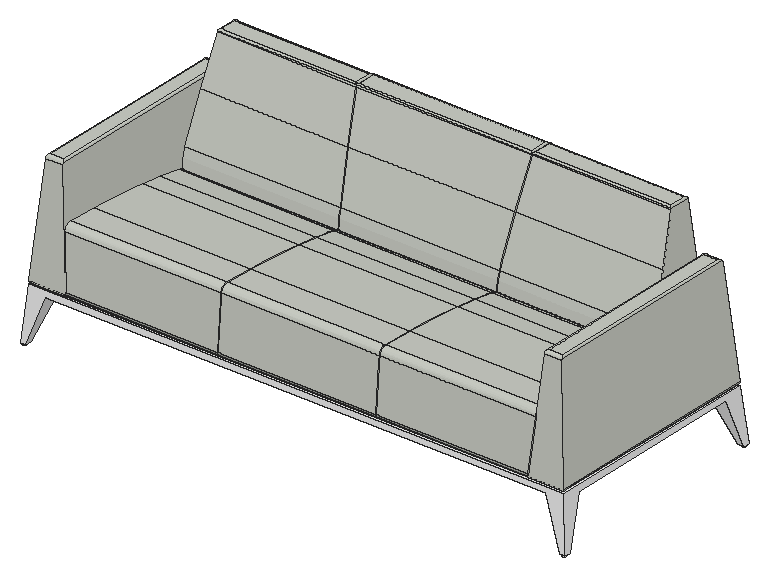
Revit family
Parameters
  Width = 6' - 4"  # constant formula
  URL = "http://elanbydecca.com/"
  Upholstery [instance] = Furniture - DECCA (Elan) - Vertex - Upholstery
  Base [instance] = Furniture - DECCA (Elan) - Vertex - Base
  Product URL = "http://elanbydecca.com/PDFs/elan_tearsheet-vertex.pdf"
  Model = "VT LL500"
  Manufacturer = "Decca Contract"
  Height = 2' - 6"  # constant formula
  Description = "Vertex, Sofa"
  Depth = 2' - 8"  # constant formula
  Assembly Description = "Furniture & Accessories"
  Assembly Code = "E2020200"
Reference planes (in)
  plane 1 "Center Front/Back": y = -0.7524
  plane 2: z = 0
  plane 3 "Center Left/Right": x = 0
  plane 4 "L": x = -38
  plane 5 "R": x = 38
  plane 6 "F": y = -16.7524
  plane 7: y = 15.2476
  plane 8: through (-6.25338, 2.33237, 23.38953) normal (0.4297, -0.4297, 0.7941)
  plane 9: z = 30
  plane 10: z = 16
  plane 11: x = -37.36862
  plane 12: x = -34.58452
  plane 13: x = -37.22423
  plane 14: x = 37.36862
  plane 15: x = 37.22423
  plane 16: z = 6.69972
  plane 17 "BT": z = 7.44949
  plane 18: z = 7.70022
  plane 19: x = -32.25435
  plane 20: x = 32.25435
  plane 21: z = 23.5
  plane 22: y = 14.61374
  plane 23: y = 14.47183
  plane 24: y = -16.11854
  plane 25: y = -15.97663
  plane 26: z = 0.19972
  plane 27: through (-15.22423, -180, 0.19694) normal (-0.9397, 0, 0.342)
  plane 28: through (0, 14.47183, 0.19694) normal (0, 0.9391, 0.3436)
  plane 29: y = 11.81791
  plane 30: y = -13.32271
  plane 31: x = 34.58452
  plane 32: through (0, 13.25934, 22.69446) normal (0, 0.9964, 0.0844)
  plane 33: through (0, -15.40972, 15.47123) normal (0, 0.9964, -0.0847)
  plane 34: through (-10.60194, -180, 18.93287) normal (0.996, 0, -0.0897)
  plane 35: through (10.60194, -180, 18.93287) normal (0.996, 0, 0.0897)
  plane 36: through (-10.60194, -180, 13.06713) normal (-0.996, 0, -0.0897)
  plane 37: through (10.60194, -180, 13.06713) normal (-0.996, 0, 0.0897)
Forms (in)
  Blend 1, solid, material "Furniture - DECCA (Elan) - Vertex - Base" <- "Base"
    base sketch origin (0, 0, 8.32075) x (0, -1, 0) y (1, 0, 0)
      loop
        line (-15.2476, -38) -> (-14.47183, -38) -> (-14.47183, -37.22423) -> (-15.2476, -37.22423) -> (-15.2476, -38)
    top sketch origin (0, 0, 8.32075) x (0, -1, 0) y (1, 0, 0)
      loop
        line (-14.61374, -37.36862) -> (-11.81791, -37.36862) -> (-11.81791, -34.58452) -> (-14.61374, -34.58452) -> (-14.61374, -37.36862)
    from -8.12381 to -0.87126
  Blend 2, solid, material "Furniture - DECCA (Elan) - Vertex - Base" <- "Base"
    base sketch origin (0, -1.5048, 8.32075) x (0, -1, 0) y (1, 0, 0)
      loop
        line (15.2476, -38) -> (15.2476, -37.22423) -> (14.47183, -37.22423) -> (14.47183, -38) -> (15.2476, -38)
    top sketch origin (0, -1.5048, 8.32075) x (0, -1, 0) y (1, 0, 0)
      loop
        line (14.61374, -37.36862) -> (14.61374, -34.58452) -> (11.81791, -34.58452) -> (11.81791, -37.36862) -> (14.61374, -37.36862)
    from -8.12381 to -0.87126
  Blend 3, solid, material "Furniture - DECCA (Elan) - Vertex - Base" <- "Base"
    base sketch origin (0, -1.5048, 8.32075) x (0, 1, 0) y (-1, 0, 0)
      loop
        line (-15.2476, -38) -> (-14.47183, -38) -> (-14.47183, -37.22423) -> (-15.2476, -37.22423) -> (-15.2476, -38)
    top sketch origin (0, -1.5048, 8.32075) x (0, 1, 0) y (-1, 0, 0)
      loop
        line (-14.61374, -37.36862) -> (-11.81791, -37.36862) -> (-11.81791, -34.58452) -> (-14.61374, -34.58452) -> (-14.61374, -37.36862)
    from -8.12381 to -0.87126
  Blend 4, solid, material "Furniture - DECCA (Elan) - Vertex - Base" <- "Base"
    base sketch origin (0, 0, 8.32075) x (0, 1, 0) y (-1, 0, 0)
      loop
        line (15.2476, -38) -> (15.2476, -37.22423) -> (14.47183, -37.22423) -> (14.47183, -38) -> (15.2476, -38)
    top sketch origin (0, 0, 8.32075) x (0, 1, 0) y (-1, 0, 0)
      loop
        line (14.61374, -37.36862) -> (14.61374, -34.58452) -> (11.81791, -34.58452) -> (11.81791, -37.36862) -> (14.61374, -37.36862)
    from -8.12381 to -0.87126
  Extrusion 5, solid, material "Furniture - DECCA (Elan) - Vertex - Base" <- "Base"
    sketch origin (0, 0, 0) x (0, 1, 0) y (0, 0, 1)
      loop
        line (14.67927, 6.69972) -> (14.61374, 7.44949) -> (11.81791, 7.44949) -> (11.81791, 6.69972) -> (14.67927, 6.69972)
    from -37.36862 to 37.36862
  Extrusion 6, solid, material "Furniture - DECCA (Elan) - Vertex - Base" <- "Base"
    sketch origin (0, -1.5048, 0) x (0, -1, 0) y (0, 0, -1)
      loop
        line (14.67927, -6.69972) -> (11.81791, -6.69972) -> (11.81791, -7.44949) -> (14.61374, -7.44949) -> (14.67927, -6.69972)
    from -37.36862 to 37.36862
  Extrusion 7, solid, material "Furniture - DECCA (Elan) - Vertex - Base" <- "Base"
    sketch origin (0, -16.42176, 0) x (1, 0, 0) y (0, 0, -1)
      loop
        line (-37.43389, -6.69972) -> (-37.36862, -7.44949) -> (-34.58452, -7.44949) -> (-34.58452, -6.69972) -> (-37.43389, -6.69972)
      loop
        line (37.36862, -7.44949) -> (37.43389, -6.69972) -> (34.58452, -6.69972) -> (34.58452, -7.44949) -> (37.36862, -7.44949)
    from 0.30321 to 31.0355
  Extrusion 8, solid, material "Furniture - DECCA (Elan) - Vertex - Base" <- "Base"
    sketch origin (0, 0, 8.32075) x (0, -1, 0) y (1, 0, 0)
      loop
        circle (16.43547, 37.68431) r 0.25
      loop
        circle (16.43547, -37.68431) r 0.25
      loop
        circle (-14.93067, -37.68431) r 0.25
      loop
        circle (-14.93067, 37.68431) r 0.25
    from -8.32075 to -8.12102
  Extrusion 9, solid, material "Furniture - DECCA (Elan) - Vertex - Upholstery" <- "Upholstery"
    sketch origin (0, -16.42176, 0) x (1, 0, 0) y (0, 0, -1)
      loop
        line (-35.76398, -23.5) -> (-33.859, -23.5)
        arc (-33.859, -23.5) -> (-33.69006, -23.43428) -> (-33.60994, -23.27168) r 0.25
        line (-33.60994, -23.27168) -> (-32.278, -7.9719)
        arc (-32.278, -7.9719) -> (-32.34278, -7.78128) -> (-32.52706, -7.70022) r 0.25
        line (-32.52706, -7.70022) -> (-37.09591, -7.70022)
        arc (-37.09591, -7.70022) -> (-37.2802, -7.78128) -> (-37.34497, -7.9719) r 0.25
        line (-37.34497, -7.9719) -> (-36.01304, -23.27168)
        arc (-36.01304, -23.27168) -> (-35.93292, -23.43428) -> (-35.76398, -23.5) r 0.25
      loop
        line (32.278, -7.9719) -> (33.60994, -23.27168)
        arc (33.60994, -23.27168) -> (33.69006, -23.43428) -> (33.859, -23.5) r 0.25
        line (33.859, -23.5) -> (35.76398, -23.5)
        arc (35.76398, -23.5) -> (35.93292, -23.43428) -> (36.01304, -23.27168) r 0.25
        line (36.01304, -23.27168) -> (37.34497, -7.9719)
        arc (37.34497, -7.9719) -> (37.2802, -7.78128) -> (37.09591, -7.70022) r 0.25
        line (37.09591, -7.70022) -> (32.52706, -7.70022)
        arc (32.52706, -7.70022) -> (32.34278, -7.78128) -> (32.278, -7.9719) r 0.25
    from -0.33064 to 31.66936
  Extrusion 10, void
    sketch origin (0, 0, 0) x (0, 1, 0) y (0, 0, 1)
      loop
        line (14.55053, 7.44949) -> (16.4976, 7.44949) -> (16.4976, 30) -> (-18.0024, 30) -> (-18.0024, 7.44949) -> (-16.09189, 7.44949) -> (-14.76587, 23.04237)
        arc (-14.76587, 23.04237) -> (-14.60591, 23.36823) -> (-14.26767, 23.5) r 0.5
        line (-14.26767, 23.5) -> (12.73167, 23.5)
        arc (12.73167, 23.5) -> (13.06998, 23.36817) -> (13.22989, 23.0422) r 0.5
        line (13.22989, 23.0422) -> (14.55053, 7.44949)
    from -38 to 38
  Extrusion 11, solid, material "Furniture - DECCA (Elan) - Vertex - Upholstery" <- "Upholstery"
    sketch origin (0, 0, 0) x (0, 1, 0) y (0, 0, 1)
      loop
        line (12.41087, 30) -> (9.97402, 30)
        arc (9.97402, 30) -> (9.83242, 29.95603) -> (9.74063, 29.83959) r 0.25
        line (9.74063, 29.83959) -> (9.67423, 29.66662)
        arc (9.67423, 29.66662) -> (8.52817, 26.51784) -> (7.4927, 23.33098) r 96
        line (7.4927, 23.33098) -> (5.46904, 16.71189)
        arc (5.46904, 16.71189) -> (5.16239, 15.47882) -> (4.98785, 14.22024) r 12
        line (4.98785, 14.22024) -> (4.45645, 7.9714)
        arc (4.45645, 7.9714) -> (4.52143, 7.7811) -> (4.70555, 7.70022) r 0.25
        line (4.70555, 7.70022) -> (14.25723, 7.70022)
        arc (14.25723, 7.70022) -> (14.44131, 7.78107) -> (14.50633, 7.97132) r 0.25
        line (14.50633, 7.97132) -> (12.65997, 29.7711)
        arc (12.65997, 29.7711) -> (12.58002, 29.93409) -> (12.41087, 30) r 0.25
    from 0 to 34.58452
  Extrusion 12, void
    sketch origin (0, -16.42176, 0) x (1, 0, 0) y (0, 0, -1)
      loop
        line (12.2624, -29.77242) -> (11.18994, -17.86399)
        arc (11.18994, -17.86399) -> (11.08112, -16.25109) -> (11.04483, -14.63493) r 36
        line (11.04483, -14.63493) -> (11.04483, -7.44949) -> (-27.25, -7.44949) -> (-27.25, -31.75) -> (34.58452, -31.75) -> (34.58452, -7.70022) -> (32.25435, -7.70022) -> (32.83026, -14.3156)
        arc (32.83026, -14.3156) -> (32.85381, -15.39007) -> (32.8271, -16.46446) r 22.97837
        line (32.8271, -16.46446) -> (31.62574, -29.77242)
        arc (31.62574, -29.77242) -> (31.54541, -29.93453) -> (31.37675, -30) r 0.25
        line (31.37675, -30) -> (12.51139, -30)
        arc (12.51139, -30) -> (12.34273, -29.93453) -> (12.2624, -29.77242) r 0.25
    from 0 to 32.91936
  Extrusion 13, solid, material "Furniture - DECCA (Elan) - Vertex - Upholstery" <- "Upholstery"
    sketch origin (0, 0, 0) x (0, 1, 0) y (0, 0, 1)
      loop
        arc (4.96754, 13.98136) -> (4.89506, 14.23656) -> (4.67185, 14.37994) r 0.375
        line (4.67185, 14.37994) -> (4.26998, 14.46537)
        arc (4.26998, 14.46537) -> (2.72687, 14.75833) -> (1.17245, 14.98371) r 36
        line (1.17245, 14.98371) -> (-1.81029, 15.34995)
        arc (-1.81029, 15.34995) -> (-5.97767, 15.76958) -> (-10.15939, 16.00704) r 96
        line (-10.15939, 16.00704) -> (-14.39805, 16.15505)
        arc (-14.39805, 16.15505) -> (-15.09648, 15.90381) -> (-15.42935, 15.2404) r 1
        line (-15.42935, 15.2404) -> (-16.03598, 8.107)
        arc (-16.03598, 8.107) -> (-15.9385, 7.82154) -> (-15.66233, 7.70022) r 0.375
        line (-15.66233, 7.70022) -> (4.14633, 7.70022)
        arc (4.14633, 7.70022) -> (4.35773, 7.78258) -> (4.45771, 7.98624) r 0.3125
        line (4.45771, 7.98624) -> (4.96754, 13.98136)
    from 0 to 34.58452
  Sweep 14, solid, material "Furniture - DECCA (Elan) - Vertex - Base" <- "Base"
    path origin (0, 0, 7.44949) x (0, -1, 0) y (1, 0, 0)
      loop
        line (-11.81791, 34.58452) -> (-11.81791, -34.58452) -> (13.32271, -34.58452) -> (13.32271, 34.58452) -> (-11.81791, 34.58452)
    profile origin (0, 11.81791, 7.44949) x (0, -1, 0) y (0, 0, 1)
      loop
        line (-0.59791, 0) -> (-0.59791, 0.25073) -> (-2.59791, 0.25073) -> (-2.34718, 0) -> (-0.59791, 0)
  Extrusion 15, solid, material "Furniture - DECCA (Elan) - Vertex - Upholstery" <- "Upholstery"
    sketch origin (-23.58452, 0, 0) x (0, 1, 0) y (0, 0, 1)
      loop
        line (12.41087, 30) -> (9.97402, 30)
        arc (9.97402, 30) -> (9.83242, 29.95603) -> (9.74063, 29.83959) r 0.25
        line (9.74063, 29.83959) -> (9.67423, 29.66662)
        arc (9.67423, 29.66662) -> (8.52817, 26.51784) -> (7.4927, 23.33098) r 96
        line (7.4927, 23.33098) -> (5.46904, 16.71189)
        arc (5.46904, 16.71189) -> (5.16239, 15.47882) -> (4.98785, 14.22024) r 12
        line (4.98785, 14.22024) -> (4.45645, 7.9714)
        arc (4.45645, 7.9714) -> (4.52143, 7.7811) -> (4.70555, 7.70022) r 0.25
        line (4.70555, 7.70022) -> (14.25723, 7.70022)
        arc (14.25723, 7.70022) -> (14.44131, 7.78107) -> (14.50633, 7.97132) r 0.25
        line (14.50633, 7.97132) -> (12.65997, 29.7711)
        arc (12.65997, 29.7711) -> (12.58002, 29.93409) -> (12.41087, 30) r 0.25
    from -11 to 23.58452
  Extrusion 16, solid, material "Furniture - DECCA (Elan) - Vertex - Upholstery" <- "Upholstery"
    sketch origin (-23.58452, 0, 0) x (0, 1, 0) y (0, 0, 1)
      loop
        arc (4.96754, 13.98136) -> (4.89506, 14.23656) -> (4.67185, 14.37994) r 0.375
        line (4.67185, 14.37994) -> (4.26998, 14.46537)
        arc (4.26998, 14.46537) -> (2.72687, 14.75833) -> (1.17245, 14.98371) r 36
        line (1.17245, 14.98371) -> (-1.81029, 15.34995)
        arc (-1.81029, 15.34995) -> (-5.97767, 15.76958) -> (-10.15939, 16.00704) r 96
        line (-10.15939, 16.00704) -> (-14.39805, 16.15505)
        arc (-14.39805, 16.15505) -> (-15.09648, 15.90381) -> (-15.42935, 15.2404) r 1
        line (-15.42935, 15.2404) -> (-16.03598, 8.107)
        arc (-16.03598, 8.107) -> (-15.9385, 7.82154) -> (-15.66233, 7.70022) r 0.375
        line (-15.66233, 7.70022) -> (4.14633, 7.70022)
        arc (4.14633, 7.70022) -> (4.35773, 7.78258) -> (4.45771, 7.98624) r 0.3125
        line (4.45771, 7.98624) -> (4.96754, 13.98136)
    from -11 to 23.58452
  Extrusion 17, solid, material "Furniture - DECCA (Elan) - Vertex - Upholstery" <- "Upholstery"
    sketch origin (36.25, 0, 0) x (0, 1, 0) y (0, 0, 1)
      loop
        line (12.41087, 30) -> (9.97402, 30)
        arc (9.97402, 30) -> (9.83242, 29.95603) -> (9.74063, 29.83959) r 0.25
        line (9.74063, 29.83959) -> (9.67423, 29.66662)
        arc (9.67423, 29.66662) -> (8.52817, 26.51784) -> (7.4927, 23.33098) r 96
        line (7.4927, 23.33098) -> (5.46904, 16.71189)
        arc (5.46904, 16.71189) -> (5.16239, 15.47882) -> (4.98785, 14.22024) r 12
        line (4.98785, 14.22024) -> (4.45645, 7.9714)
        arc (4.45645, 7.9714) -> (4.52143, 7.7811) -> (4.70555, 7.70022) r 0.25
        line (4.70555, 7.70022) -> (14.25723, 7.70022)
        arc (14.25723, 7.70022) -> (14.44131, 7.78107) -> (14.50633, 7.97132) r 0.25
        line (14.50633, 7.97132) -> (12.65997, 29.7711)
        arc (12.65997, 29.7711) -> (12.58002, 29.93409) -> (12.41087, 30) r 0.25
    from -56.82895 to -14.20517
  Extrusion 18, solid, material "Furniture - DECCA (Elan) - Vertex - Upholstery" <- "Upholstery"
    sketch origin (46.75, 0, 0) x (0, 1, 0) y (0, 0, 1)
      loop
        arc (4.96754, 13.98136) -> (4.89506, 14.23656) -> (4.67185, 14.37994) r 0.375
        line (4.67185, 14.37994) -> (4.26998, 14.46537)
        arc (4.26998, 14.46537) -> (2.72687, 14.75833) -> (1.17245, 14.98371) r 36
        line (1.17245, 14.98371) -> (-1.81029, 15.34995)
        arc (-1.81029, 15.34995) -> (-5.97767, 15.76958) -> (-10.15939, 16.00704) r 96
        line (-10.15939, 16.00704) -> (-14.39805, 16.15505)
        arc (-14.39805, 16.15505) -> (-15.09648, 15.90381) -> (-15.42935, 15.2404) r 1
        line (-15.42935, 15.2404) -> (-16.03598, 8.107)
        arc (-16.03598, 8.107) -> (-15.9385, 7.82154) -> (-15.66233, 7.70022) r 0.375
        line (-15.66233, 7.70022) -> (4.14633, 7.70022)
        arc (4.14633, 7.70022) -> (4.35773, 7.78258) -> (4.45771, 7.98624) r 0.3125
        line (4.45771, 7.98624) -> (4.96754, 13.98136)
    from -67.32895 to -24.70517
  Extrusion 19, void
    sketch origin (0, -16.42176, 0) x (-1, 0, 0) y (0, 0, 1)
      loop
        arc (12.2624, 29.77242) -> (12.34273, 29.93453) -> (12.51139, 30) r 0.25
        line (12.51139, 30) -> (31.37675, 30)
        arc (31.37675, 30) -> (31.54539, 29.93455) -> (31.62573, 29.77248) r 0.25
        line (31.62573, 29.77248) -> (32.8271, 16.46446)
        arc (32.8271, 16.46446) -> (32.85381, 15.39007) -> (32.83026, 14.3156) r 22.97837
        line (32.83026, 14.3156) -> (32.25435, 7.70022) -> (34.58452, 7.70022) -> (34.58452, 31.75) -> (-27.25, 31.75) -> (-27.25, 7.44949) -> (11.04502, 7.44949) -> (11.04502, 14.63714)
        arc (11.04502, 14.63714) -> (11.08132, 16.25329) -> (11.19013, 17.8662) r 36
        line (11.19013, 17.8662) -> (12.2624, 29.77242)
    from 0 to 32.91936
  Extrusion 20, void
    sketch origin (0.16548, -16.42176, 0) x (-1, 0, 0) y (0, 0, 1)
      loop
        line (12.42384, 29.72758) -> (11.35562, 17.8662)
        arc (11.35562, 17.8662) -> (11.2468, 16.25329) -> (11.21051, 14.63714) r 36
        line (11.21051, 14.63714) -> (11.21051, 7.70022) -> (22.41548, 7.70022) -> (22.41548, 31.75) -> (-24.96406, 31.75) -> (-24.96406, 7.70022) -> (-10.87954, 7.70022) -> (-10.87954, 14.63714)
        arc (-10.87954, 14.63714) -> (-10.91584, 16.25329) -> (-11.02465, 17.8662) r 36
        line (-11.02465, 17.8662) -> (-12.09288, 29.72758)
        arc (-12.09288, 29.72758) -> (-12.02842, 29.91866) -> (-11.84388, 30) r 0.25
        line (-11.84388, 30) -> (12.17485, 30)
        arc (12.17485, 30) -> (12.35939, 29.91866) -> (12.42384, 29.72758) r 0.25
    from 0 to 32.91936
Cuts and joins
  Extrusion 10, Extrusion 19, Extrusion 20 cuts Blend 1
  Extrusion 10, Extrusion 19, Extrusion 20 cuts Blend 2
  Extrusion 10, Extrusion 19, Extrusion 20 cuts Blend 3
  Extrusion 10, Extrusion 19, Extrusion 20 cuts Blend 4
  Extrusion 10, Extrusion 19, Extrusion 20 cuts Extrusion 5
  Extrusion 10, Extrusion 19, Extrusion 20 cuts Extrusion 6
  Extrusion 10, Extrusion 19, Extrusion 20 cuts Extrusion 7
  Extrusion 10, Extrusion 19, Extrusion 20 cuts Extrusion 8
  Extrusion 20 cuts Sweep 14
  joined: Blend 1, Blend 2, Blend 3, Blend 4, Extrusion 5, Extrusion 6, Extrusion 7, Extrusion 8, Sweep 14
  Extrusion 10, Extrusion 20 cuts Extrusion 9
  Extrusion 12 cuts Extrusion 11
  Extrusion 12 cuts Extrusion 13
  Extrusion 19 cuts Extrusion 15
  Extrusion 19 cuts Extrusion 16
  Extrusion 20 cuts Extrusion 17
  Extrusion 20 cuts Extrusion 18
Lines and regions (in)
  model lines
    curve 1: line (37.36862, 14.61374, 7.44949) -> (34.85741, 14.67927, 6.69972)
    curve 2: line (-34.85741, 14.67927, 6.69972) -> (-37.36862, 14.61374, 7.44949)
    curve 3: line (37.36862, -16.11854, 7.44949) -> (37.43389, -13.59707, 6.69972)
    curve 4: line (37.43389, 12.09227, 6.69972) -> (37.36862, 14.61374, 7.44949)
    curve 5: line (-37.36862, 14.61374, 7.44949) -> (-37.43389, 12.09227, 6.69972)
    curve 6: line (-37.43389, -13.59707, 6.69972) -> (-37.36862, -16.11854, 7.44949)
    curve 7: line (34.85741, -16.18407, 6.69972) -> (37.36862, -16.11854, 7.44949)
    curve 8: line (-37.36862, -16.11854, 7.44949) -> (-34.85741, -16.18407, 6.69972)
Dimensions and locks (in)
  equal spacing: plane 4 "L", plane 3 "Center Left/Right", plane 5 "R"
  equal spacing: plane 7, plane 1 "Center Front/Back", plane 6 "F"
  "Width": plane 4 "L" to plane 5 "R"
  "Depth": plane 7 to plane 6 "F"
  "Height": plane 9 to level
  plane 18 to plane 17 "BT" to plane 16 to level = 0' - 0.25073" locked, 0' - 0.74977" locked, 0' - 6.69972" locked
  plane 12 to plane 13 to plane 11 to plane 4 "L" = 0' - 2.63971" locked, 0' - 0.14439" locked, 0' - 0.63138" locked
  locked: plane 19 to plane 4 "L" at 5.74565
  locked: plane 5 "R" to plane 20 at 5.74565
  locked: plane 10 to level at 16
  locked: plane 21 to level at 23.5
  locked: plane 26 to level at 0.19972
  plane 7 to plane 22 to plane 23 to plane 29 = 0' - 0.63386" locked, 0' - 0.14191" locked, 0' - 2.65392" locked
  plane 30 to plane 25 to plane 24 to plane 6 "F" = 0' - 2.65392" locked, 0' - 0.14191" locked, 0' - 0.63386" locked
  plane 31 to plane 15 to plane 14 to plane 5 "R" = 0' - 2.63971" locked, 0' - 0.14439" locked, 0' - 0.63138" locked
  aligned and locked: Blend 2 sketch curve to plane 4 "L"
  aligned and locked: Blend 2 sketch curve to plane 6 "F"
  aligned and locked: plane 13 to Blend 2 sketch curve
  aligned and locked: plane 25 to Blend 2 sketch curve
  aligned and locked: Blend 2 sketch curve to plane 24
  aligned and locked: plane 12 to Blend 2 sketch curve
  aligned and locked: plane 30 to Blend 2 sketch curve
  aligned and locked: Blend 2 sketch curve to plane 11
  aligned and locked: Blend 3 sketch curve to plane 25
  aligned and locked: Blend 3 sketch curve to plane 15
  aligned and locked: plane 6 "F" to Blend 3 sketch curve
  aligned and locked: plane 5 "R" to Blend 3 sketch curve
  aligned and locked: plane 24 to Blend 3 sketch curve
  aligned and locked: plane 14 to Blend 3 sketch curve
  aligned and locked: Blend 3 sketch curve to plane 31
  aligned and locked: Blend 3 sketch curve to plane 30
  aligned and locked: plane 7 to Blend 4 sketch curve
  aligned and locked: Blend 4 sketch curve to plane 5 "R"
  aligned and locked: plane 23 to Blend 4 sketch curve
  aligned and locked: plane 15 to Blend 4 sketch curve
  aligned and locked: Blend 4 sketch curve to plane 22
  aligned and locked: Blend 4 sketch curve to plane 14
  aligned and locked: plane 29 to Blend 4 sketch curve
  aligned and locked: plane 31 to Blend 4 sketch curve
  aligned and locked: Blend 1 to Extrusion 5 sketch curve
  aligned and locked: plane 16 to Extrusion 5 sketch curve
  aligned and locked: plane 17 "BT" to Extrusion 5 sketch curve
  aligned and locked: Extrusion 5 sketch curve to plane 29
  aligned and locked: Extrusion 5 to plane 11
  aligned and locked: Extrusion 5 to plane 14
  aligned and locked: Extrusion 6 to plane 11
  aligned and locked: Extrusion 6 to plane 14
  aligned and locked: plane 12 to Extrusion 7 sketch curve
  aligned and locked: plane 16 to Extrusion 7 sketch curve
  aligned and locked: plane 17 "BT" to Extrusion 7 sketch curve
  aligned and locked: Extrusion 7 sketch curve to plane 16
  aligned and locked: Extrusion 7 sketch curve to plane 17 "BT"
  aligned and locked: Extrusion 7 sketch curve to plane 31
  aligned and locked: Extrusion 7 to plane 22
  aligned and locked: Extrusion 7 to plane 24
  aligned and locked: Extrusion 8 to level
  aligned and locked: Extrusion 8 to plane 26
  aligned and locked: plane 21 to Extrusion 9 sketch curve  (x2)
  aligned and locked: plane 18 to Extrusion 9 sketch curve
  aligned and locked: Extrusion 10 sketch curve to plane 32
  aligned and locked: plane 9 to Extrusion 10 sketch curve
  aligned and locked: plane 17 "BT" to Extrusion 10 sketch curve
  aligned and locked: plane 33 to Extrusion 10 sketch curve
  aligned and locked: Extrusion 10 to plane 4 "L"
  aligned and locked: Extrusion 10 to plane 5 "R"
  aligned and locked: Extrusion 9 sketch curve to plane 18
  aligned and locked: plane 9 to Extrusion 11 sketch curve
  aligned and locked: plane 32 to Extrusion 11 sketch curve
  aligned and locked: plane 18 to Extrusion 11 sketch curve
  aligned: Extrusion 11 to plane 12
  aligned and locked: plane 17 "BT" to Extrusion 12 sketch curve
  aligned and locked: plane 9 to Extrusion 12 sketch curve
  aligned and locked: Extrusion 12 sketch curve to plane 18
  aligned and locked: plane 18 to Extrusion 13 sketch curve
  aligned and locked: plane 33 to Extrusion 13 sketch curve
  aligned: Extrusion 13 to plane 12
  aligned and locked: plane 29 to Sweep 14 sketch curve
  aligned and locked: Sweep 14 sketch curve to plane 30
  aligned and locked: Sweep 14 sketch curve to plane 31
  aligned and locked: plane 12 to Sweep 14 sketch curve
  aligned and locked: plane 21 to Extrusion 10 sketch curve
Automatic sketch dimensions
  Blend 1 sketch curve to plane 7 = 0' - 0"
  Blend 1 sketch curve to plane 4 "L" = 0' - 0"
  plane 23 to Blend 1 sketch curve = 0' - 0"
  Blend 1 sketch curve to plane 13 = 0' - 0"
  Blend 1 sketch curve to plane 12 = 0' - 0"
  plane 22 to Blend 1 sketch curve = 0' - 0"
  Blend 1 sketch curve to plane 11 = 0' - 0"
  plane 29 to Blend 1 sketch curve = 0' - 0"
  Extrusion 5 to curve 1 = 0' - 0"  (x2)
  Extrusion 5 to curve 2 = 0' - 0"
  curve 1 to Extrusion 5 = 0' - 0"
  curve 2 to Extrusion 5 = 0' - 0"  (x2)
  Extrusion 5 to curve 2 = 0' - 2.51122"
  Extrusion 5 to curve 1 = 0' - 2.51122"
  plane 17 "BT" to Extrusion 6 sketch curve = 0' - 0"
  Extrusion 6 sketch curve to plane 30 = 0' - 0"
  plane 16 to Extrusion 6 sketch curve = 0' - 0"
  Extrusion 6 sketch curve to plane 24 = 0' - 0"
  plane 24 to Extrusion 6 sketch curve = 0' - 0.06553"
  Extrusion 7 sketch curve to plane 11 = 0' - 0"
  plane 11 to Extrusion 7 sketch curve = 0' - 0.06527"
  Extrusion 7 sketch curve to plane 14 = 0' - 0"
  plane 14 to Extrusion 7 sketch curve = 0' - 0.06527"
  curve 3 to Blend 4 = 0' - 0"
  Blend 4 to curve 4 = 0' - 0"
  curve 4 to Blend 4 = 0' - 0"  (x2)
  Blend 4 to curve 4 = 0' - 0.7526"
  Blend 4 to curve 3 = 0' - 0.7526"
  curve 3 to curve 4 = 2' - 1.68934"
  curve 3 to curve 3 = 0' - 2.52147"
  curve 5 to Blend 1 = 0' - 0"
  Blend 1 to curve 5 = 0' - 0"  (x2)
  curve 6 to Blend 1 = 0' - 0"
  Blend 1 to curve 5 = 0' - 0.7526"
  Blend 1 to curve 6 = 0' - 0.7526"
  curve 5 to curve 6 = 2' - 1.68934"
  curve 6 to curve 6 = 0' - 2.52147"
  Blend 2 to curve 8 = 0' - 0"  (x2)
  Blend 2 to curve 7 = 0' - 0"
  curve 8 to Blend 2 = 0' - 0"
  Blend 2 to curve 8 = 0' - 0.75262"
  Blend 2 to curve 7 = 0' - 0.75262"
  curve 8 to curve 7 = 5' - 9.71482"
  curve 7 to curve 7 = 0' - 2.51122"
  Extrusion 8 sketch curve to plane 7 = 0' - 0.31693"  (x2)
  plane 6 "F" to Extrusion 8 sketch curve = 0' - 0.31693"  (x2)
  plane 4 "L" to Extrusion 8 sketch curve = 0' - 0.31569"  (x2)
  plane 5 "R" to Extrusion 8 sketch curve = 0' - 0.31569"  (x2)
  Extrusion 9 sketch curve to plane 11 = 0' - 0.02365"
  Extrusion 9 sketch curve to plane 13 = 0' - 0.12832"
  plane 21 to Extrusion 9 sketch curve = 0' - 0.22832"  (x2)
  Extrusion 9 sketch curve to plane 13 = 0' - 1.21119"
  Extrusion 9 sketch curve to Extrusion 9 sketch curve = 0' - 0.24906"  (x5)
  Extrusion 9 sketch curve to plane 12 = 0' - 0.72552"
  Extrusion 9 sketch curve to plane 19 = 0' - 0.27271"
  Extrusion 9 sketch curve to plane 19 = 0' - 0.02365"
  Extrusion 9 sketch curve to plane 20 = 0' - 0.02365"
  Extrusion 9 sketch curve to plane 31 = 0' - 0.97458"
  plane 31 to Extrusion 9 sketch curve = 0' - 1.17946"
  Extrusion 9 sketch curve to plane 15 = 0' - 0.12832"
  Extrusion 9 sketch curve to plane 14 = 0' - 0.02365"
  Extrusion 9 sketch curve to Extrusion 9 sketch curve = 0' - 0 1/4"  (x6)
  plane 17 "BT" to Extrusion 10 sketch curve = 0' - 0"
  Extrusion 10 sketch curve to plane 6 "F" = 0' - 1 1/4"
  Extrusion 10 sketch curve to plane 21 = 0' - 0.45763"
  Extrusion 10 sketch curve to Extrusion 10 sketch curve = 0' - 0.4982"
  Extrusion 10 sketch curve to plane 21 = 0' - 0 1/2"
  Extrusion 10 sketch curve to plane 21 = 0' - 0.4578"
  plane 7 to Extrusion 10 sketch curve = 0' - 1 1/4"
  Extrusion 11 sketch curve to plane 18 = 0' - 0.27118"
  Extrusion 11 sketch curve to plane 1 "Center Front/Back" = 0' - 5.20885"
  Extrusion 11 sketch curve to Extrusion 11 sketch curve = 0' - 0.2491"
  Extrusion 11 sketch curve to plane 10 = 0' - 1.77976"
  Extrusion 11 sketch curve to plane 1 "Center Front/Back" = 0' - 5.74025"
  plane 10 to Extrusion 11 sketch curve = 0' - 0.71189"
  Extrusion 11 sketch curve to Extrusion 11 sketch curve = 0' - 0.48119"
  Extrusion 11 sketch curve to plane 21 = 0' - 0.16902"
  plane 29 to Extrusion 11 sketch curve = 0' - 4.32522"
  Extrusion 11 sketch curve to plane 9 = 0' - 0.33338"
  Extrusion 11 sketch curve to Extrusion 11 sketch curve = 0' - 2.18154"
  Extrusion 11 sketch curve to plane 9 = 0' - 0.16041"
  Extrusion 11 sketch curve to Extrusion 11 sketch curve = 0' - 0 17/256"
  Extrusion 11 sketch curve to Extrusion 11 sketch curve = 0' - 0.2334"
  Extrusion 11 sketch curve to plane 9 = 0' - 0 1/4"
  Extrusion 11 sketch curve to plane 9 = 0' - 0.2289"
  plane 23 to Extrusion 11 sketch curve = 0' - 0.21461"
  Extrusion 11 sketch curve to plane 23 = 0' - 0.0345"
  plane 7 to Extrusion 11 sketch curve = 0' - 1.69709"
  Extrusion 11 sketch curve to level = 0' - 4.73671"
  Extrusion 13 sketch curve to plane 25 = 0' - 0.05935"
  plane 25 to Extrusion 13 sketch curve = 0' - 0.3143"
  plane 25 to Extrusion 13 sketch curve = 0' - 0.54728"
  Extrusion 13 sketch curve to Extrusion 13 sketch curve = 0' - 0.9964"
  plane 10 to Extrusion 13 sketch curve = 0' - 0.15505"
  Extrusion 13 sketch curve to Extrusion 13 sketch curve = 0' - 0.0349"
  Extrusion 13 sketch curve to plane 30 = 0' - 0.18703"
  plane 10 to Extrusion 13 sketch curve = 0' - 0.00704"
  plane 30 to Extrusion 13 sketch curve = 0' - 3.16332"
  plane 1 "Center Front/Back" to Extrusion 13 sketch curve = 0' - 2.46245"
  Extrusion 13 sketch curve to plane 10 = 0' - 0.65005"
  plane 1 "Center Front/Back" to Extrusion 13 sketch curve = 0' - 1.05789"
  Extrusion 13 sketch curve to plane 10 = 0' - 1.01629"
  Extrusion 13 sketch curve to plane 1 "Center Front/Back" = 0' - 1.92485"
  Extrusion 13 sketch curve to plane 18 = 0' - 0 5/16"
  Extrusion 13 sketch curve to plane 1 "Center Front/Back" = 0' - 4.89873"
  Extrusion 13 sketch curve to plane 10 = 0' - 1.53463"
  Extrusion 13 sketch curve to Extrusion 13 sketch curve = 0' - 3.09752"
  Extrusion 13 sketch curve to plane 18 = 0' - 0.28602"
  Extrusion 13 sketch curve to Extrusion 13 sketch curve = 0' - 0.32391"
  Extrusion 13 sketch curve to plane 10 = 0' - 1.62006"
  Extrusion 13 sketch curve to Extrusion 13 sketch curve = 0' - 0.07797"
  Extrusion 13 sketch curve to Extrusion 13 sketch curve = 0' - 0.37365"
  Extrusion 13 sketch curve to Extrusion 13 sketch curve = 0' - 0.39858"
  plane 17 "BT" to Sweep 14 sketch curve = 0' - 0"
  Sweep 14 sketch curve to plane 17 "BT" = 0' - 0.25073"
  profile plane to Sweep 14 sketch curve = 0' - 2.59791"
  Sweep 14 sketch curve to Sweep 14 sketch curve = 0' - 0.25073"
  profile plane to Sweep 14 sketch curve = 0' - 0.59791"
  plane 18 to Extrusion 15 sketch curve = 0' - 0"
  Extrusion 15 sketch curve to plane 9 = 0' - 0"
  Extrusion 15 sketch curve to plane 32 = 0' - 0"  (x2)
  Extrusion 15 sketch curve to plane 18 = 0' - 0.27118"
  Extrusion 15 sketch curve to plane 1 "Center Front/Back" = 0' - 5.20885"
  Extrusion 15 sketch curve to plane 18 = 0' - 0 1/4"
  Extrusion 15 sketch curve to plane 10 = 0' - 1.77976"
  Extrusion 15 sketch curve to plane 1 "Center Front/Back" = 0' - 5.74025"
  plane 10 to Extrusion 15 sketch curve = 0' - 0.71189"
  Extrusion 15 sketch curve to Extrusion 15 sketch curve = 0' - 0.48119"
  Extrusion 15 sketch curve to plane 21 = 0' - 0.16902"
  plane 29 to Extrusion 15 sketch curve = 0' - 4.32522"
  Extrusion 15 sketch curve to plane 9 = 0' - 0.33338"
  Extrusion 15 sketch curve to Extrusion 15 sketch curve = 0' - 2.18154"
  Extrusion 15 sketch curve to plane 9 = 0' - 0.16041"
  Extrusion 15 sketch curve to Extrusion 15 sketch curve = 0' - 0 17/256"
  Extrusion 15 sketch curve to Extrusion 15 sketch curve = 0' - 0.2334"
  Extrusion 15 sketch curve to plane 9 = 0' - 0 1/4"
  Extrusion 15 sketch curve to plane 9 = 0' - 0.2289"
  plane 23 to Extrusion 15 sketch curve = 0' - 0.21461"
  Extrusion 15 sketch curve to plane 23 = 0' - 0.0345"
  plane 7 to Extrusion 15 sketch curve = 0' - 1.69709"
  Extrusion 15 sketch curve to level = 0' - 4.73671"
  plane 33 to Extrusion 16 sketch curve = 0' - 0"  (x2)
  plane 18 to Extrusion 16 sketch curve = 0' - 0"
  Extrusion 16 sketch curve to plane 25 = 0' - 0.05935"
  plane 25 to Extrusion 16 sketch curve = 0' - 0.3143"
  plane 25 to Extrusion 16 sketch curve = 0' - 0.54728"
  Extrusion 16 sketch curve to Extrusion 16 sketch curve = 0' - 0.9964"
  plane 10 to Extrusion 16 sketch curve = 0' - 0.15505"
  Extrusion 16 sketch curve to Extrusion 16 sketch curve = 0' - 0.0349"
  Extrusion 16 sketch curve to plane 30 = 0' - 0.18703"
  plane 10 to Extrusion 16 sketch curve = 0' - 0.00704"
  plane 30 to Extrusion 16 sketch curve = 0' - 3.16332"
  plane 1 "Center Front/Back" to Extrusion 16 sketch curve = 0' - 2.46245"
  Extrusion 16 sketch curve to plane 10 = 0' - 0.65005"
  plane 1 "Center Front/Back" to Extrusion 16 sketch curve = 0' - 1.05789"
  Extrusion 16 sketch curve to plane 10 = 0' - 1.01629"
  Extrusion 16 sketch curve to plane 1 "Center Front/Back" = 0' - 1.92485"
  Extrusion 16 sketch curve to plane 18 = 0' - 0 5/16"
  Extrusion 16 sketch curve to plane 1 "Center Front/Back" = 0' - 4.89873"
  Extrusion 16 sketch curve to plane 10 = 0' - 1.53463"
  Extrusion 16 sketch curve to Extrusion 16 sketch curve = 0' - 3.09752"
  Extrusion 16 sketch curve to plane 18 = 0' - 0.28602"
  Extrusion 16 sketch curve to Extrusion 16 sketch curve = 0' - 0.32391"
  Extrusion 16 sketch curve to plane 10 = 0' - 1.62006"
  Extrusion 16 sketch curve to Extrusion 16 sketch curve = 0' - 0.07797"
  Extrusion 16 sketch curve to Extrusion 16 sketch curve = 0' - 0.37365"
  Extrusion 16 sketch curve to Extrusion 16 sketch curve = 0' - 0.39858"
  plane 18 to Extrusion 17 sketch curve = 0' - 0"
  Extrusion 17 sketch curve to plane 9 = 0' - 0"
  Extrusion 17 sketch curve to plane 32 = 0' - 0"  (x2)
  Extrusion 17 sketch curve to plane 18 = 0' - 0.27118"
  Extrusion 17 sketch curve to plane 1 "Center Front/Back" = 0' - 5.20885"
  Extrusion 17 sketch curve to Extrusion 17 sketch curve = 0' - 0.2491"
  Extrusion 17 sketch curve to plane 10 = 0' - 1.77976"
  Extrusion 17 sketch curve to plane 1 "Center Front/Back" = 0' - 5.74025"
  plane 10 to Extrusion 17 sketch curve = 0' - 0.71189"
  Extrusion 17 sketch curve to Extrusion 17 sketch curve = 0' - 0.48119"
  Extrusion 17 sketch curve to plane 21 = 0' - 0.16902"
  plane 29 to Extrusion 17 sketch curve = 0' - 4.32522"
  Extrusion 17 sketch curve to plane 9 = 0' - 0.33338"
  Extrusion 17 sketch curve to Extrusion 17 sketch curve = 0' - 2.18154"
  Extrusion 17 sketch curve to plane 9 = 0' - 0.16041"
  Extrusion 17 sketch curve to Extrusion 17 sketch curve = 0' - 0 17/256"
  Extrusion 17 sketch curve to Extrusion 17 sketch curve = 0' - 0.2334"
  Extrusion 17 sketch curve to plane 9 = 0' - 0 1/4"
  Extrusion 17 sketch curve to plane 9 = 0' - 0.2289"
  plane 23 to Extrusion 17 sketch curve = 0' - 0.21461"
  Extrusion 17 sketch curve to plane 23 = 0' - 0.0345"
  plane 7 to Extrusion 17 sketch curve = 0' - 1.69709"
  Extrusion 17 sketch curve to level = 0' - 4.73671"
  plane 33 to Extrusion 18 sketch curve = 0' - 0"  (x2)
  plane 18 to Extrusion 18 sketch curve = 0' - 0"
  Extrusion 18 sketch curve to plane 25 = 0' - 0.05935"
  plane 25 to Extrusion 18 sketch curve = 0' - 0.3143"
  plane 25 to Extrusion 18 sketch curve = 0' - 0.54728"
  Extrusion 18 sketch curve to Extrusion 18 sketch curve = 0' - 0.9964"
  plane 10 to Extrusion 18 sketch curve = 0' - 0.15505"
  Extrusion 18 sketch curve to Extrusion 18 sketch curve = 0' - 0.0349"
  Extrusion 18 sketch curve to plane 30 = 0' - 0.18703"
  plane 10 to Extrusion 18 sketch curve = 0' - 0.00704"
  plane 30 to Extrusion 18 sketch curve = 0' - 3.16332"
  plane 1 "Center Front/Back" to Extrusion 18 sketch curve = 0' - 2.46245"
  Extrusion 18 sketch curve to plane 10 = 0' - 0.65005"
  plane 1 "Center Front/Back" to Extrusion 18 sketch curve = 0' - 1.05789"
  Extrusion 18 sketch curve to plane 10 = 0' - 1.01629"
  Extrusion 18 sketch curve to plane 1 "Center Front/Back" = 0' - 1.92485"
  Extrusion 18 sketch curve to plane 18 = 0' - 0 5/16"
  Extrusion 18 sketch curve to plane 1 "Center Front/Back" = 0' - 4.89873"
  Extrusion 18 sketch curve to plane 10 = 0' - 1.53463"
  Extrusion 18 sketch curve to Extrusion 18 sketch curve = 0' - 3.09752"
  Extrusion 18 sketch curve to plane 18 = 0' - 0.28602"
  Extrusion 18 sketch curve to Extrusion 18 sketch curve = 0' - 0.32391"
  Extrusion 18 sketch curve to plane 10 = 0' - 1.62006"
  Extrusion 18 sketch curve to Extrusion 18 sketch curve = 0' - 0.07797"
  Extrusion 18 sketch curve to Extrusion 18 sketch curve = 0' - 0.37365"
  Extrusion 18 sketch curve to Extrusion 18 sketch curve = 0' - 0.39858"
  Extrusion 19 sketch curve to plane 17 "BT" = 0' - 0"
  Extrusion 19 sketch curve to plane 9 = 0' - 0"
  Extrusion 19 sketch curve to plane 18 = 0' - 0"
  Extrusion 19 sketch curve to plane 19 = 0' - 0"
  plane 12 to Extrusion 19 sketch curve = 0' - 0"
  Extrusion 19 sketch curve to plane 9 = 0' - 0.22752"
  Extrusion 19 sketch curve to plane 19 = 0' - 0.62862"
  Extrusion 19 sketch curve to Extrusion 19 sketch curve = 0' - 0.24899"  (x2)
  Extrusion 19 sketch curve to plane 3 "Center Left/Right" = 1' - 0.51139"
  Extrusion 19 sketch curve to plane 9 = 0' - 0.22758"
  Extrusion 19 sketch curve to plane 21 = 0' - 5.6338"
  Extrusion 19 sketch curve to Extrusion 19 sketch curve = 0' - 1.07226"
  Extrusion 19 sketch curve to plane 18 = 0' - 6.93691"
  Extrusion 19 sketch curve to Extrusion 19 sketch curve = 0' - 0.14511"
  Extrusion 19 sketch curve to plane 10 = 0' - 0.64367"
  Extrusion 19 sketch curve to Extrusion 19 sketch curve = 0' - 1.16955"
  plane 9 to Extrusion 19 sketch curve = 0' - 1 3/4"
  Extrusion 19 sketch curve to plane 20 = 0' - 5.00435"
  plane 19 to Extrusion 19 sketch curve = 0' - 0.57275"
  plane 19 to Extrusion 19 sketch curve = 0' - 0.57591"
  Extrusion 19 sketch curve to plane 10 = 0' - 1.6844"
  Extrusion 12 sketch curve to plane 20 = 0' - 0"
  plane 31 to Extrusion 12 sketch curve = 0' - 0"
  plane 9 to Extrusion 12 sketch curve = 0' - 0.22758"  (x2)
  plane 20 to Extrusion 12 sketch curve = 0' - 0.62861"
  Extrusion 12 sketch curve to Extrusion 12 sketch curve = 0' - 0.24899"  (x2)
  Extrusion 12 sketch curve to plane 3 "Center Left/Right" = 1' - 0.51139"
  plane 21 to Extrusion 12 sketch curve = 0' - 5.63601"
  Extrusion 12 sketch curve to Extrusion 12 sketch curve = 0' - 1.07246"
  plane 18 to Extrusion 12 sketch curve = 0' - 6.93471"
  Extrusion 12 sketch curve to Extrusion 12 sketch curve = 0' - 0.14511"
  plane 10 to Extrusion 12 sketch curve = 0' - 0.64367"
  Extrusion 12 sketch curve to Extrusion 12 sketch curve = 0' - 1.16935"
  Extrusion 12 sketch curve to plane 9 = 0' - 1 3/4"
  plane 19 to Extrusion 12 sketch curve = 0' - 5.00435"
  Extrusion 12 sketch curve to plane 20 = 0' - 0.57275"
  Extrusion 12 sketch curve to plane 20 = 0' - 0.57591"
  plane 10 to Extrusion 12 sketch curve = 0' - 1.6844"
  Extrusion 20 sketch curve to plane 18 = 0' - 0"  (x2)
  Extrusion 20 sketch curve to plane 9 = 0' - 0"
  Extrusion 20 sketch curve to plane 10 = 0' - 1.36286"  (x2)
  Extrusion 20 sketch curve to plane 5 "R" = 0' - 9.04502"
  Extrusion 20 sketch curve to plane 20 = 0' - 7.12481"
  Extrusion 20 sketch curve to plane 9 = 0' - 0.27242"  (x2)
  plane 3 "Center Left/Right" to Extrusion 20 sketch curve = 1' - 0.25836"
  Extrusion 20 sketch curve to Extrusion 20 sketch curve = 0' - 0.24899"
  plane 10 to Extrusion 20 sketch curve = 0' - 1.8662"  (x2)
  plane 3 "Center Left/Right" to Extrusion 20 sketch curve = 0' - 11.19013"
  Extrusion 20 sketch curve to plane 3 "Center Left/Right" = 0' - 11.04502"
  Extrusion 20 sketch curve to Extrusion 20 sketch curve = 0' - 0.14511"
  Extrusion 20 sketch curve to plane 9 = 0' - 0 1/4"
  Extrusion 20 sketch curve to plane 3 "Center Left/Right" = 1' - 0.00937"
  plane 9 to Extrusion 20 sketch curve = 0' - 1 3/4"
  Extrusion 20 sketch curve to plane 19 = 0' - 10.00435"
  radius of Extrusion 8 sketch curve = 0' - 0 1/4"  (x4)
